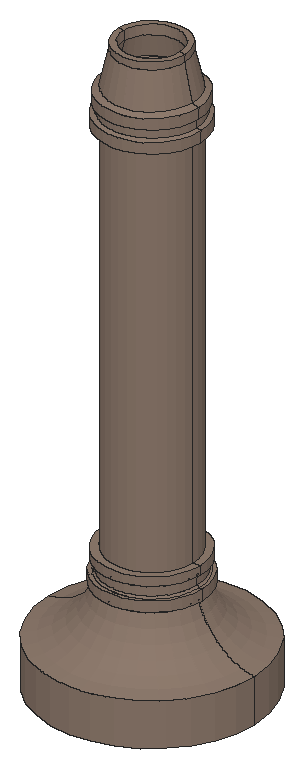
Revit family "CB1202", category Generic Models, Revit 2014
Parameters
  FITTER = Bronze, Architectural
  BODY = Bronze, Architectural
  BASE = Bronze, Architectural
Reference planes (in)
  plane 1 "Center (Front/Back)": y = 0
  plane 2: z = 0
  plane 3 "Center (Left/Right)": x = 0
Forms (in)
  Revolve 1, solid, material "Bronze, Architectural" <- "BASE"
    sketch origin (0, 0, 0) x (1, 0, 0) y (0, 0, 1)
      loop
        line (-3.5625, 8.375) -> (-3.4375, 8.375)
        arc (-3.4375, 8.375) -> (-3.34911, 8.33839) -> (-3.3125, 8.25) r 0.125
        line (-3.3125, 8.25) -> (-3.3125, 7.625)
        arc (-3.3125, 7.625) -> (-3.34911, 7.53661) -> (-3.4375, 7.5) r 0.125
        line (-3.4375, 7.5) -> (-3.6875, 7.5) -> (-3.6875, 6.75) -> (-3.53643, 6.75)
        arc (-3.53643, 6.75) -> (-3.43694, 6.70067) -> (-3.41597, 6.59162) r 0.125
        arc (-3.41597, 6.59162) -> (-4.92495, 4.23035) -> (-7.5, 3.125) r 4.76676
        line (-7.5, 3.125) -> (-7.5, 0) -> (-7, 0) -> (-7, 0.125)
        arc (-7, 0.125) -> (-6.92678, 0.30178) -> (-6.75, 0.375) r 0.25
        line (-6.75, 0.375) -> (-6.0625, 0.375) -> (-6.0625, 1.125) -> (-6.75, 1.125)
        arc (-6.75, 1.125) -> (-6.92678, 1.19822) -> (-7, 1.375) r 0.25
        line (-7, 1.375) -> (-7, 2.69536)
        arc (-7, 2.69536) -> (-4.54257, 3.89983) -> (-3.02128, 6.17479) r 5.26676
        line (-3.02128, 6.17479) -> (-2.53125, 6.3125) -> (-2.53125, 6.8125) -> (-3.03125, 6.8125) -> (-3.03125, 9) -> (-3.5625, 9) -> (-3.5625, 8.375)
      axis (0, 9) -> (0, 0)
    angle from 0 to 360
  Revolve 2, solid, material "Bronze, Architectural" <- "BODY"
    sketch origin (0, 0, 0) x (1, 0, 0) y (0, 0, 1)
      loop
        line (-3, 6.8125) -> (-2.875, 6.8125) -> (-2.875, 37.375) -> (-3, 37.375) -> (-3, 6.8125)
      axis (0, 37.375) -> (0, 6.8125)
    angle from 0 to 360
  Revolve 3, solid, material "Bronze, Architectural" <- "FITTER"
    sketch origin (0, 0, 0) x (1, 0, 0) y (0, 0, 1)
      loop
        line (-2.4375, 41.5) -> (-3, 39.0625) -> (-3.4375, 38.875) -> (-3.4375, 38.125) -> (-3.25, 38.0625) -> (-3.25, 37.5) -> (-3.5625, 37.375) -> (-3.5625, 36.625) -> (-3.125, 36.625) -> (-3.125, 37.15954)
        arc (-3.125, 37.15954) -> (-3.08202, 37.2997) -> (-2.96785, 37.39166) r 0.25
        arc (-2.96785, 37.39166) -> (-2.858, 37.43716) -> (-2.8125, 37.54701) r 0.15535
        line (-2.8125, 37.54701) -> (-2.8125, 38.02841)
        arc (-2.8125, 38.02841) -> (-2.83609, 38.1015) -> (-2.89797, 38.14699) r 0.125
        line (-2.89797, 38.14699) -> (-3.06438, 38.20246)
        arc (-3.06438, 38.20246) -> (-3.19243, 38.37255) -> (-3.07895, 38.55268) r 0.1875
        line (-3.07895, 38.55268) -> (-2.68192, 38.72284)
        arc (-2.68192, 38.72284) -> (-2.63526, 38.75755) -> (-2.60936, 38.80962) r 0.125
        line (-2.60936, 38.80962) -> (-2.47655, 39.38514)
        arc (-2.47655, 39.38514) -> (-2.46166, 39.42107) -> (-2.42573, 39.43595) r 0.05081
        line (-2.42573, 39.43595) -> (-2.0625, 39.5) -> (-2.0625, 39.625) -> (-2.34231, 39.67434)
        arc (-2.34231, 39.67434) -> (-2.38358, 39.70139) -> (-2.39236, 39.74994) r 0.0625
        line (-2.39236, 39.74994) -> (-2.03125, 41.28701) -> (-2.03125, 42) -> (-2.4375, 42) -> (-2.4375, 41.5)
      axis (0, 36.625) -> (0, 42)
    angle from 0 to 360
Dimensions and locks (in)
  aligned and locked: plane 2 to level
